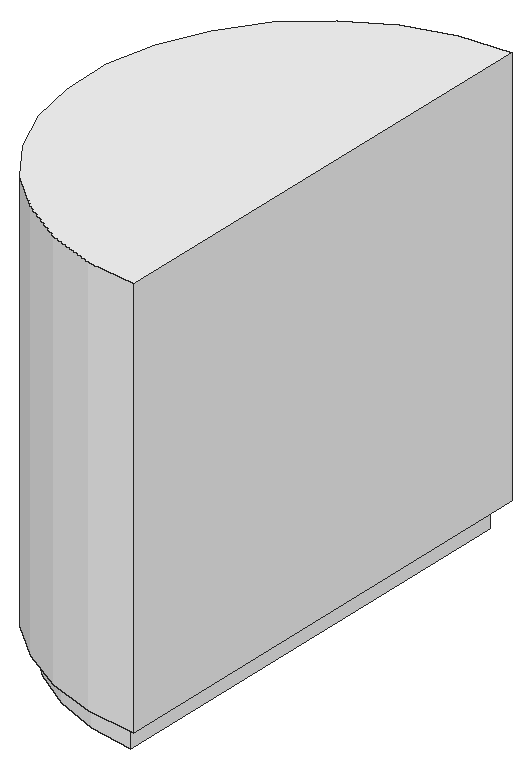
Revit family
Parameters
  URL = "http://www.martinbrattrud.com"
  SCS Certified Product = "Yes"
  Model = "Cor-Bitz 741-10HC"
  Manufacturer = "Martin Brattrud, Inc."
  Foot [instance] = none
  Keynote = "125000"
  Copyright = "© 2013 Martin Brattrud, Inc."
  Table [instance] = none
  Authoring Version = "Revit Architecture 2010"
  Assembly Code = "E2020200"
Reference planes (in)
  plane 1 "Center Front/Back": y = 0
  plane 2: z = 0
  plane 3 "Center Left/Right": x = 0
Forms (in)
  Extrusion 1, solid, material <- "Table"
    sketch origin (0, 0, 0) x (1, 0, 0) y (0, 1, 0)
      loop
        arc (0, 10) -> (-10, 0) -> (0, -10) r 10
        line (0, -10) -> (0, 10)
    from 1.25 to 18.25
  Extrusion 2, solid, material <- "Table"
    sketch origin (0, 0, 0) x (1, 0, 0) y (0, 1, 0)
      loop
        arc (-0.5, 9.48683) -> (-9.5, 0) -> (-0.5, -9.48683) r 9.5
        line (-0.5, -9.48683) -> (-0.5, 9.48683)
    from 0.25 to 1.25
  Revolve 3, solid, material <- "Foot"
    sketch origin (-1.72341, 7.82112, 0) x (0, 1, 0) y (0, 0, -1)
      loop
        arc (-0.2498, 0) -> (-0.33833, -0.03667) -> (-0.375, -0.1252) r 0.1252
        line (-0.375, -0.1252) -> (-0.375, -0.25) -> (0, -0.25) -> (0, 0) -> (-0.2498, 0)
      axis (0, -0.25) -> (0, 0)
    angle from 0 to 360
  Revolve 4, solid, material <- "Foot"
    sketch origin (-8.125, 0, 0) x (-1, 0, 0) y (0, 0, -1)
      loop
        arc (-0.2498, 0) -> (-0.33833, -0.03667) -> (-0.375, -0.1252) r 0.1252
        line (-0.375, -0.1252) -> (-0.375, -0.25) -> (0, -0.25) -> (0, 0) -> (-0.2498, 0)
      axis (0, -0.25) -> (0, 0)
    angle from 0 to 360
  Revolve 5, solid, material <- "Foot"
    sketch origin (-1.72341, -7.82112, 0) x (0, -1, 0) y (0, 0, 1)
      loop
        line (-0.2498, 0) -> (0, 0) -> (0, 0.25) -> (-0.375, 0.25) -> (-0.375, 0.1252)
        arc (-0.375, 0.1252) -> (-0.33833, 0.03667) -> (-0.2498, 0) r 0.1252
      axis (0, 0.25) -> (0, 0)
    angle from 0 to 360
